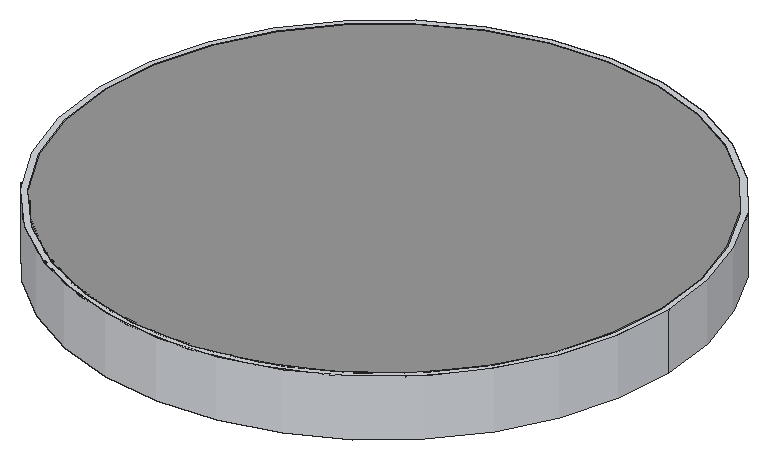
Revit family "2071183", category Lighting Fixtures, host Face, Revit 2018
Family settings
  Host = Face
  Round Connector Dimension = Use Diameter
  Part Type = Normal
  OmniClass Number = 23.80.70.00
  OmniClass Title = Lighting
  Cut with Voids When Loaded = No
  Light Source = Yes
  Shared = No
  Room Calculation Point = No
Parameters (values of type "2071183 COLOSSAL 600 840 PR DIR WHT SSA02")
  iner diameter = 588 mm
  Weight = "n/a"
  Wattage Comments = ""
  Wattage = 30 W
  WarrantyStartDate [instance] = "n/a"
  WarrantyGuarantorParts = "n/a"
  WarrantyDurationUnit = "n/a"
  WarrantyDurationParts = ""
  WarrantyDescription = "http://www.sylvania-lighting.com"
  built-in parameter 1150110 = 1 (stored number, unit not read)
  Voltage = 230 V
  URL = "0.95"
  TypeName = "COLOSSAL 600mm 840 PRISM DIR WHITE SSA02"
  Type Image = <None>
  Type Comments = "n/a"
  built-in parameter 1114217 = 1 (stored number, unit not read)
  Tilt Angle = -90.00°
  built-in parameter 1150109 = 1 (stored number, unit not read)
  built-in parameter 1150134 = (empty or 0)
  built-in parameter 1150113 = 1 (stored number, unit not read)
  SerialNumber [instance] = "n/a"
  Photometric Web File = "2071183.ies"
  Material_3_SYL = LED-Sylvania
  PowerFactor = 0
  PowerConsumption = "Lighting"
  NominalLength = 600 mm
  NominalHeight = 93 mm
  NominalDepth = 600 mm
  Name = "COLOSSAL 600mm 840 PRISM DIR WHITE SSA02"
  ModelReference = Name  # "COLOSSAL 600mm 840 PRISM DIR WHITE SSA02"
  ModelNumber = "2071183"
  Model = Name  # "COLOSSAL 600mm 840 PRISM DIR WHITE SSA02"
  Material = "Feilo Sylvania"
  ManufacturerName = "128 lm/W"
  Manufacturer = ""
  LuminousEfficacy = ""
  built-in parameter 1150105 = 270.44 (stored number, unit not read)
  Lumens = 3398.4 lm
  LuminaireType = "0"
  built-in parameter 1150115 = 1 (stored number, unit not read)
  LightOutputRatio = "LED"
  built-in parameter 1150137 = (empty or 0)
  built-in parameter 1150139 = (empty or 0)
  LampsType = Lamp  # "n/a"
  LampNominalLuminous = "4000 K"
  LampMacAdamStep = "80"
  LampColourTemperature = "LED"
  LampColourRenderingIndex = "16500"
  built-in parameter 1150112 = 1 (stored number, unit not read)
  built-in parameter 1150114 = 1 (stored number, unit not read)
  Lamp = "n/a"
  Keynote = "n/a"
  InstallationDate [instance] = "n/a"
  InputVoltage = "0"
  InputNominalFrequency = "4000"
  built-in parameter 1150132 = (empty or 0)
  built-in parameter 1150102 = (empty or 0)
  built-in parameter 1150107 = 3000 (stored number, unit not read)
  built-in parameter 1150138 = (empty or 0)
  IngressProtection = "IfcLightFixtureType"
  ImpactProtectionIndex = "IfcLightFixtureType"
  built-in parameter 1150106 = 2.7044 (stored number, unit not read)
  IfcExportType = "IfcLightFixtureType"
  IfcExportAs = "Class I"
  Emit from Circle Diameter = 385 mm
  Emit Shape Visible in Rendering = no
  ElectricShockClassification = "128"
  built-in parameter 1150104 = 10.524 (stored number, unit not read)
  DocumentationLiterature = "http://www.sylvania-lighting.com/product/en-int/products/2071183"
  DimmingControlOptions = "n/a"
  Material_2_SYL = Polycarbonate_Sylvania_White
  Dimming Lamp Color Temperature Shift = <None>
  Description = "600mm diameter circular architectural luminaire, can be surface mounted or suspended. Powder coated aluminium housing (RAL9016) with PMMA prismatic diffuser. Direct light distribution, 3995lm luminuous flux, 31.3W system power, 128lm/W luminiaire efficacy. Sylsmart Connected enabled. Colour rendering index Ra >80, 4000K Neutral White LED, chromaticity tolerance of 3-step MacAdam ellipse. IP40, IK03. 350mA drive current. UGR≤19. Electrical protection Class1, 220-240V. Reported lifetime 66k hours L90B10."
  Default Elevation = 1219.2 mm
  CreatedOn = "23/03/2022"
  CreatedBy = "@sylvania-lighting.com"
  Cost = 0
  Color Filter = 16777215
  built-in parameter 1114216 [instance] = (empty or 0)
  ClassificationValue = "EF_70_80"
  ClassificationName = "Uniclass2015"
  Material_1_SYL = Polycarbonate_Sylvania_Opal
  BarCode [instance] = "n/a"
  built-in parameter 1114218 = 1 (stored number, unit not read)
  built-in parameter 1150133 = 10 (stored number, unit not read)
  AssetType = "Fixed"
  AssetIdentifier [instance] = "n/a"
  Assembly Code = "D5020200"
  Apparent Load = 31.3 VA
  Material_4_SYL = none
Reference planes
  plane 1 "Center (Front/Back)": y = 0
  plane 2: z = 0
  plane 3 "Center (Left/Right)": x = 0
  plane 4: x = -300
  plane 5: x = 300
  plane 6: y = 300
  plane 7: y = -300
  plane 8: y = 212
  plane 9: y = -212
  plane 10: z = 93
  plane 11: y = 294
  plane 12: y = -294
  plane 13: through (0, 0, 1219.2) normal (0.5, -0.866, 0)
  plane 14: through (-134.29, 20.617, 1219.2) normal (0.5, -0.866, 0)
  plane 15: through (-144.685, -181.683, 1219.2) normal (-0.5, 0.866, 0)
  plane 16: through (0, 0, 1219.2) normal (0.5, 0.866, 0)
  plane 17: through (178.555, -4.939, 1219.2) normal (0.5, 0.866, 0)
  plane 18: through (87.581, -148.715, 1219.2) normal (0.5, 0.866, 0)
  plane 19: y = 272
  plane 20: through (105.168, 227.067, 1219.2) normal (0.866, 0.5, 0)
  plane 21: through (-104.171, 225.672, 1219.2) normal (0.8572, -0.515, 0)
  plane 22: y = -204.612
  plane 23: through (-296.643, -30.2, 1219.2) normal (0.866, 0.5, 0)
  plane 24: through (153.092, -278.837, 1219.2) normal (-0.866, 0.5, 0)
Forms (mm)
  Extrusion 1, solid, detail levels medium+fine
    sketch origin (0, 0, 0) x (1, 0, 0) y (0, 1, 0)
      loop
        circle (0, 0) r 300
    from 33.023 to 93
  Extrusion 2, void
    sketch origin (0, 0, 0) x (1, 0, 0) y (0, 1, 0)
      loop
        circle (0, 0) r 294
    from 93 to 37.292
  Extrusion 3, solid, material "Glass, White, High Luminance", detail levels fine
    sketch origin (0, 0, 0) x (1, 0, 0) y (0, 1, 0)
      loop
        circle (0, 0) r 294
    from 88.026 to 93
  Extrusion 4, solid, detail levels coarse
    sketch origin (0, 0, 0) x (1, 0, 0) y (0, 1, 0)
      loop
        line (-300, 300) -> (-300, -300) -> (300, -300) -> (300, 300) -> (-300, 300)
    from 0 to 93
  Blend 5, solid, detail levels medium+fine
    base sketch origin (0, 0, 0) x (1, 0, 0) y (0, 1, 0)
      loop
        line (-76.334, 272) -> (-277.665, -63.07) -> (-195.946, -204.612) -> (195.946, -204.612) -> (275.172, -67.388) -> (79.226, 272) -> (-76.334, 272)
    top sketch origin (0, 0, 0) x (1, 0, 0) y (0, 1, 0)
      loop
        line (-226.097, -32.388) -> (-141.097, -179.612) -> (141.097, -179.612) -> (226.097, -32.388) -> (85, 212) -> (-85, 212) -> (-226.097, -32.388)
    from 33.023 to 0
Cuts and joins
  Extrusion 2 cuts Extrusion 1
Lines and regions (mm)
  model lines
    curve 1: line (-85, 212, 0) -> (0, 212, 0)
    curve 2: line (0, 212, 0) -> (85, 212, 0)
Dimensions and locks
  "NominalDepth": plane 6 to plane 7
  "NominalLength": plane 4 to plane 5
  equal spacing: plane 4, plane 3 "Center (Left/Right)", plane 5
  "iner diameter": plane 11 to plane 12
  equal spacing: plane 11, plane 1 "Center (Front/Back)", plane 12
  equal spacing: plane 6, plane 1 "Center (Front/Back)", plane 7
  "NominalHeight": plane 10 to level
  radius of Extrusion 2 sketch curve = 294 mm
  aligned and locked: plane 2 to host face
  aligned and locked: level to host face
Automatic sketch dimensions
  host sketch curve to host sketch curve = 2438.4 mm  (x2)
  plane 1 "Center (Front/Back)" to Extrusion 1 sketch curve = 0 mm
  Extrusion 1 sketch curve to plane 3 "Center (Left/Right)" = 0 mm
  plane 1 "Center (Front/Back)" to Extrusion 2 sketch curve = 0 mm
  Extrusion 2 sketch curve to plane 3 "Center (Left/Right)" = 0 mm
  plane 1 "Center (Front/Back)" to Extrusion 3 sketch curve = 0 mm
  Extrusion 3 sketch curve to plane 3 "Center (Left/Right)" = 0 mm
  Extrusion 4 sketch curve to plane 4 = 0 mm
  Extrusion 4 sketch curve to plane 5 = 0 mm
  Extrusion 4 sketch curve to plane 7 = 0 mm
  Extrusion 4 sketch curve to plane 6 = 0 mm
  Blend 5 sketch curve to plane 8 = 0 mm
  Blend 5 sketch curve to plane 3 "Center (Left/Right)" = 85 mm
  plane 3 "Center (Left/Right)" to Blend 5 sketch curve = 85 mm
  plane 9 to Blend 5 sketch curve = 32.388 mm
  plane 3 "Center (Left/Right)" to Blend 5 sketch curve = 141.097 mm
  plane 1 "Center (Front/Back)" to Blend 5 sketch curve = 32.388 mm  (x2)
  Blend 5 sketch curve to plane 5 = 73.903 mm
  Blend 5 sketch curve to plane 3 "Center (Left/Right)" = 141.097 mm
  plane 4 to Blend 5 sketch curve = 73.903 mm
  curve 1 to plane 8 = 0 mm
  curve 2 to plane 3 "Center (Left/Right)" = 0 mm
  curve 1 to plane 3 "Center (Left/Right)" = 85 mm
  curve 1 to curve 2 = 85 mm
  Blend 5 sketch curve to plane 21 = 0 mm
  Blend 5 sketch curve to plane 23 = 0 mm  (x2)
  Blend 5 sketch curve to plane 22 = 0 mm
  Blend 5 sketch curve to plane 19 = 0 mm
  plane 21 to Blend 5 sketch curve = 0 mm
  Blend 5 sketch curve to plane 20 = 0 mm  (x2)
  Blend 5 sketch curve to plane 24 = 0 mm  (x2)
  radius of Extrusion 1 sketch curve = 300 mm
  radius of Extrusion 3 sketch curve = 294 mm
Connectors
  electrical at (0, 0, 0), driven by "Apparent Load", driven by "PowerFactor", driven by "Voltage"
    settings: index 1, voltage 230 V, apparent load 31.3 VA, apparent load phase1 0 VA, apparent load phase2 0 VA, apparent load phase3 0 VA, power factor 0, load classification "Lighting", number of poles 1, system type 30, power factor state 1, is connector primary yes, connector utility no, sub classification motor no, connector description ""
